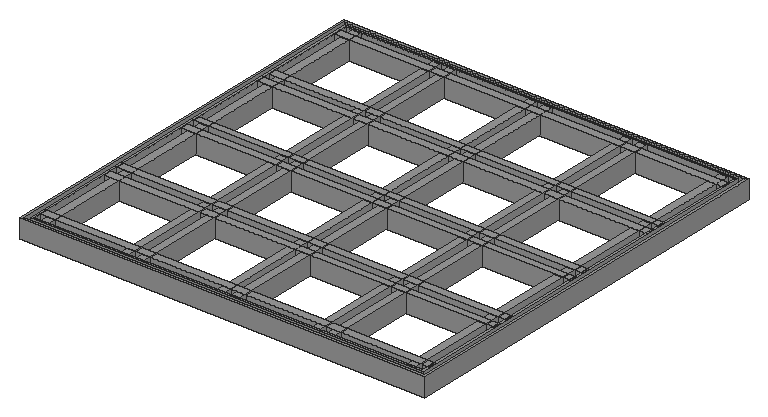
Revit family "CLD-WFD-004_RFA", category Modelos genéricos, Revit 2022
Family settings
  Puede alojar armadura = No
  Cota de conector redondo = Diámetro de uso
  Tipo de pieza = Normal
  Se basa en plano de trabajo = No
  Siempre vertical = Sí
  Corte con vacíos al cargar = No
  Mantener orientación de anotación = No
  Compartido = No
  Punto de cálculo de habitación = No
Parameters
  Elevación por defecto = 0.00"
Reference planes (in)
  plane 1 "Centro (Frontal/Posterior)": y = 0
  plane 2: z = 0
  plane 3 "Centro (Izquierda/Derecha)": x = 0
Forms (in)
  Extrusion 1, solid, not visible
    sketch origin (0, 0, 0) x (1, 0, 0) y (0, 1, 0)
      loop
        line (0, 2.25) -> (0, 0) -> (108, 0) -> (108, 2.25) -> (0, 2.25)
    from 0 to 8
  Extrusion 2, solid, not visible
    sketch origin (0, 0, 0) x (1, 0, 0) y (0, 1, 0)
      loop
        line (0, 2.25) -> (0, 0) -> (108, 0) -> (108, 2.25) -> (0, 2.25)
    from 0 to 8
  Extrusion 3, solid, not visible
    sketch origin (0, 8, 0) x (1, 0, 0) y (0, 1, 0)
      loop
        line (0, 2.25) -> (0, 0) -> (108, 0) -> (108, 2.25) -> (0, 2.25)
    from 0 to 8
  Extrusion 4, solid, not visible
    sketch origin (0, 16, 0) x (1, 0, 0) y (0, 1, 0)
      loop
        line (0, 2.25) -> (0, 0) -> (108, 0) -> (108, 2.25) -> (0, 2.25)
    from 0 to 8
  Extrusion 5, solid, not visible
    sketch origin (0, 24, 0) x (1, 0, 0) y (0, 1, 0)
      loop
        line (0, 2.25) -> (0, 0) -> (108, 0) -> (108, 2.25) -> (0, 2.25)
    from 0 to 8
  Extrusion 6, solid, not visible
    sketch origin (0, 32, 0) x (1, 0, 0) y (0, 1, 0)
      loop
        line (0, 2.25) -> (0, 0) -> (108, 0) -> (108, 2.25) -> (0, 2.25)
    from 0 to 8
  Extrusion 7, solid, not visible
    sketch origin (0, 40, 0) x (1, 0, 0) y (0, 1, 0)
      loop
        line (0, 2.25) -> (0, 0) -> (108, 0) -> (108, 2.25) -> (0, 2.25)
    from 0 to 8
  Extrusion 8, solid, not visible
    sketch origin (0, 48, 0) x (1, 0, 0) y (0, 1, 0)
      loop
        line (0, 2.25) -> (0, 0) -> (108, 0) -> (108, 2.25) -> (0, 2.25)
    from 0 to 8
  Extrusion 9, solid, not visible
    sketch origin (0, 56, 0) x (1, 0, 0) y (0, 1, 0)
      loop
        line (0, 2.25) -> (0, 0) -> (108, 0) -> (108, 2.25) -> (0, 2.25)
    from 0 to 8
  Extrusion 10, solid, not visible
    sketch origin (0, 64, 0) x (1, 0, 0) y (0, 1, 0)
      loop
        line (0, 2.25) -> (0, 0) -> (108, 0) -> (108, 2.25) -> (0, 2.25)
    from 0 to 8
  Extrusion 11, solid, not visible
    sketch origin (0, 72, 0) x (1, 0, 0) y (0, 1, 0)
      loop
        line (0, 2.25) -> (0, 0) -> (108, 0) -> (108, 2.25) -> (0, 2.25)
    from 0 to 8
  Extrusion 12, solid, not visible
    sketch origin (0, 80, 0) x (1, 0, 0) y (0, 1, 0)
      loop
        line (0, 2.25) -> (0, 0) -> (108, 0) -> (108, 2.25) -> (0, 2.25)
    from 0 to 8
  Extrusion 13, solid, not visible
    sketch origin (0, 88, 0) x (1, 0, 0) y (0, 1, 0)
      loop
        line (0, 2.25) -> (0, 0) -> (108, 0) -> (108, 2.25) -> (0, 2.25)
    from 0 to 8
  Extrusion 14, solid, not visible
    sketch origin (0, 96, 0) x (1, 0, 0) y (0, 1, 0)
      loop
        line (0, 2.25) -> (0, 0) -> (108, 0) -> (108, 2.25) -> (0, 2.25)
    from 0 to 8
  Extrusion 15, solid, not visible
    sketch origin (0, 104, 0) x (1, 0, 0) y (0, 1, 0)
      loop
        line (0, 2.25) -> (0, 0) -> (108, 0) -> (108, 2.25) -> (0, 2.25)
    from 0 to 8
  Extrusion 16, solid, not visible
    sketch origin (0, 112, 0) x (1, 0, 0) y (0, 1, 0)
      loop
        line (0, 2.25) -> (0, 0) -> (108, 0) -> (108, 2.25) -> (0, 2.25)
    from 0 to 8
  Extrusion 17, solid, not visible
    sketch origin (0, 120, 0) x (1, 0, 0) y (0, 1, 0)
      loop
        line (0, 2.25) -> (0, 0) -> (108, 0) -> (108, 2.25) -> (0, 2.25)
    from 0 to 8
  Extrusion 18, solid, not visible
    sketch origin (0, 128, 0) x (1, 0, 0) y (0, 1, 0)
      loop
        line (0, 2.25) -> (0, 0) -> (108, 0) -> (108, 2.25) -> (0, 2.25)
    from 0 to 8
  Extrusion 19, solid, not visible
    sketch origin (0, 136, 0) x (1, 0, 0) y (0, 1, 0)
      loop
        line (0, 2.25) -> (0, 0) -> (108, 0) -> (108, 2.25) -> (0, 2.25)
    from 0 to 8
  Extrusion 20, solid, not visible
    sketch origin (0, 144, 0) x (1, 0, 0) y (0, 1, 0)
      loop
        line (0, 2.25) -> (0, 0) -> (108, 0) -> (108, 2.25) -> (0, 2.25)
    from 0 to 8
  Extrusion 21, solid, not visible
    sketch origin (0, 152, 0) x (1, 0, 0) y (0, 1, 0)
      loop
        line (0, 2.25) -> (0, 0) -> (108, 0) -> (108, 2.25) -> (0, 2.25)
    from 0 to 8
  Extrusion 22, solid, not visible
    sketch origin (109, 0, 0) x (1, 0, 0) y (0, 1, 0)
      loop
        line (0, 2.25) -> (0, 0) -> (108, 0) -> (108, 2.25) -> (0, 2.25)
    from 0 to 8
  Extrusion 23, solid, not visible
    sketch origin (109, 8, 0) x (1, 0, 0) y (0, 1, 0)
      loop
        line (0, 2.25) -> (0, 0) -> (108, 0) -> (108, 2.25) -> (0, 2.25)
    from 0 to 8
  Extrusion 24, solid, not visible
    sketch origin (109, 16, 0) x (1, 0, 0) y (0, 1, 0)
      loop
        line (0, 2.25) -> (0, 0) -> (108, 0) -> (108, 2.25) -> (0, 2.25)
    from 0 to 8
  Extrusion 25, solid, not visible
    sketch origin (109, 24, 0) x (1, 0, 0) y (0, 1, 0)
      loop
        line (0, 2.25) -> (0, 0) -> (108, 0) -> (108, 2.25) -> (0, 2.25)
    from 0 to 8
  Extrusion 26, solid, not visible
    sketch origin (109, 32, 0) x (1, 0, 0) y (0, 1, 0)
      loop
        line (0, 2.25) -> (0, 0) -> (108, 0) -> (108, 2.25) -> (0, 2.25)
    from 0 to 8
  Extrusion 27, solid, not visible
    sketch origin (109, 40, 0) x (1, 0, 0) y (0, 1, 0)
      loop
        line (0, 2.25) -> (0, 0) -> (108, 0) -> (108, 2.25) -> (0, 2.25)
    from 0 to 8
  Extrusion 28, solid, not visible
    sketch origin (109, 48, 0) x (1, 0, 0) y (0, 1, 0)
      loop
        line (0, 2.25) -> (0, 0) -> (108, 0) -> (108, 2.25) -> (0, 2.25)
    from 0 to 8
  Extrusion 29, solid, not visible
    sketch origin (109, 56, 0) x (1, 0, 0) y (0, 1, 0)
      loop
        line (0, 2.25) -> (0, 0) -> (108, 0) -> (108, 2.25) -> (0, 2.25)
    from 0 to 8
  Extrusion 30, solid, not visible
    sketch origin (109, 64, 0) x (1, 0, 0) y (0, 1, 0)
      loop
        line (0, 2.25) -> (0, 0) -> (108, 0) -> (108, 2.25) -> (0, 2.25)
    from 0 to 8
  Extrusion 31, solid, not visible
    sketch origin (109, 72, 0) x (1, 0, 0) y (0, 1, 0)
      loop
        line (0, 2.25) -> (0, 0) -> (108, 0) -> (108, 2.25) -> (0, 2.25)
    from 0 to 8
  Extrusion 32, solid, not visible
    sketch origin (109, 80, 0) x (1, 0, 0) y (0, 1, 0)
      loop
        line (0, 2.25) -> (0, 0) -> (108, 0) -> (108, 2.25) -> (0, 2.25)
    from 0 to 8
  Extrusion 33, solid, not visible
    sketch origin (109, 88, 0) x (1, 0, 0) y (0, 1, 0)
      loop
        line (0, 2.25) -> (0, 0) -> (108, 0) -> (108, 2.25) -> (0, 2.25)
    from 0 to 8
  Extrusion 34, solid, not visible
    sketch origin (109, 96, 0) x (1, 0, 0) y (0, 1, 0)
      loop
        line (0, 2.25) -> (0, 0) -> (108, 0) -> (108, 2.25) -> (0, 2.25)
    from 0 to 8
  Extrusion 35, solid, not visible
    sketch origin (109, 104, 0) x (1, 0, 0) y (0, 1, 0)
      loop
        line (0, 2.25) -> (0, 0) -> (108, 0) -> (108, 2.25) -> (0, 2.25)
    from 0 to 8
  Extrusion 36, solid, not visible
    sketch origin (109, 112, 0) x (1, 0, 0) y (0, 1, 0)
      loop
        line (0, 2.25) -> (0, 0) -> (108, 0) -> (108, 2.25) -> (0, 2.25)
    from 0 to 8
  Extrusion 37, solid, not visible
    sketch origin (109, 120, 0) x (1, 0, 0) y (0, 1, 0)
      loop
        line (0, 2.25) -> (0, 0) -> (108, 0) -> (108, 2.25) -> (0, 2.25)
    from 0 to 8
  Extrusion 38, solid, not visible
    sketch origin (109, 128, 0) x (1, 0, 0) y (0, 1, 0)
      loop
        line (0, 2.25) -> (0, 0) -> (108, 0) -> (108, 2.25) -> (0, 2.25)
    from 0 to 8
  Extrusion 39, solid, not visible
    sketch origin (109, 136, 0) x (1, 0, 0) y (0, 1, 0)
      loop
        line (0, 2.25) -> (0, 0) -> (108, 0) -> (108, 2.25) -> (0, 2.25)
    from 0 to 8
  Extrusion 40, solid, not visible
    sketch origin (109, 144, 0) x (1, 0, 0) y (0, 1, 0)
      loop
        line (0, 2.25) -> (0, 0) -> (108, 0) -> (108, 2.25) -> (0, 2.25)
    from 0 to 8
  Extrusion 41, solid, not visible
    sketch origin (109, 152, 0) x (1, 0, 0) y (0, 1, 0)
      loop
        line (0, 2.25) -> (0, 0) -> (108, 0) -> (108, 2.25) -> (0, 2.25)
    from 0 to 8
  Extrusion 42, solid, not visible
    sketch origin (-108, 0, 0) x (1, 0, 0) y (0, 1, 0)
      loop
        line (0, 2.25) -> (0, 0) -> (108, 0) -> (108, 2.25) -> (0, 2.25)
    from 0 to 8
  Extrusion 43, solid, not visible
    sketch origin (-108, 8, 0) x (1, 0, 0) y (0, 1, 0)
      loop
        line (0, 2.25) -> (0, 0) -> (108, 0) -> (108, 2.25) -> (0, 2.25)
    from 0 to 8
  Extrusion 44, solid, not visible
    sketch origin (-108, 16, 0) x (1, 0, 0) y (0, 1, 0)
      loop
        line (0, 2.25) -> (0, 0) -> (108, 0) -> (108, 2.25) -> (0, 2.25)
    from 0 to 8
  Extrusion 45, solid, not visible
    sketch origin (-108, 24, 0) x (1, 0, 0) y (0, 1, 0)
      loop
        line (0, 2.25) -> (0, 0) -> (108, 0) -> (108, 2.25) -> (0, 2.25)
    from 0 to 8
  Extrusion 46, solid, not visible
    sketch origin (-108, 32, 0) x (1, 0, 0) y (0, 1, 0)
      loop
        line (0, 2.25) -> (0, 0) -> (108, 0) -> (108, 2.25) -> (0, 2.25)
    from 0 to 8
  Extrusion 47, solid, not visible
    sketch origin (-108, 40, 0) x (1, 0, 0) y (0, 1, 0)
      loop
        line (0, 2.25) -> (0, 0) -> (108, 0) -> (108, 2.25) -> (0, 2.25)
    from 0 to 8
  Extrusion 48, solid, not visible
    sketch origin (1, 0, 0) x (1, 0, 0) y (0, 1, 0)
      loop
        line (0, 2.25) -> (0, 0) -> (108, 0) -> (108, 2.25) -> (0, 2.25)
    from 0 to 8
  Extrusion 49, solid, not visible
    sketch origin (1, 8, 0) x (1, 0, 0) y (0, 1, 0)
      loop
        line (0, 2.25) -> (0, 0) -> (108, 0) -> (108, 2.25) -> (0, 2.25)
    from 0 to 8
  Extrusion 50, solid, not visible
    sketch origin (1, 16, 0) x (1, 0, 0) y (0, 1, 0)
      loop
        line (0, 2.25) -> (0, 0) -> (108, 0) -> (108, 2.25) -> (0, 2.25)
    from 0 to 8
  Extrusion 51, solid, not visible
    sketch origin (1, 24, 0) x (1, 0, 0) y (0, 1, 0)
      loop
        line (0, 2.25) -> (0, 0) -> (108, 0) -> (108, 2.25) -> (0, 2.25)
    from 0 to 8
  Extrusion 52, solid, not visible
    sketch origin (1, 32, 0) x (1, 0, 0) y (0, 1, 0)
      loop
        line (0, 2.25) -> (0, 0) -> (108, 0) -> (108, 2.25) -> (0, 2.25)
    from 0 to 8
  Extrusion 53, solid, not visible
    sketch origin (1, 40, 0) x (1, 0, 0) y (0, 1, 0)
      loop
        line (0, 2.25) -> (0, 0) -> (108, 0) -> (108, 2.25) -> (0, 2.25)
    from 0 to 8
  Extrusion 54, solid, not visible
    sketch origin (-108, 48, 0) x (1, 0, 0) y (0, 1, 0)
      loop
        line (0, 2.25) -> (0, 0) -> (108, 0) -> (108, 2.25) -> (0, 2.25)
    from 0 to 8
  Extrusion 55, solid, not visible
    sketch origin (-108, 56, 0) x (1, 0, 0) y (0, 1, 0)
      loop
        line (0, 2.25) -> (0, 0) -> (108, 0) -> (108, 2.25) -> (0, 2.25)
    from 0 to 8
  Extrusion 56, solid, not visible
    sketch origin (-108, 64, 0) x (1, 0, 0) y (0, 1, 0)
      loop
        line (0, 2.25) -> (0, 0) -> (108, 0) -> (108, 2.25) -> (0, 2.25)
    from 0 to 8
  Extrusion 57, solid, not visible
    sketch origin (-108, 72, 0) x (1, 0, 0) y (0, 1, 0)
      loop
        line (0, 2.25) -> (0, 0) -> (108, 0) -> (108, 2.25) -> (0, 2.25)
    from 0 to 8
  Extrusion 58, solid, not visible
    sketch origin (-108, 80, 0) x (1, 0, 0) y (0, 1, 0)
      loop
        line (0, 2.25) -> (0, 0) -> (108, 0) -> (108, 2.25) -> (0, 2.25)
    from 0 to 8
  Extrusion 59, solid, not visible
    sketch origin (1, 48, 0) x (1, 0, 0) y (0, 1, 0)
      loop
        line (0, 2.25) -> (0, 0) -> (108, 0) -> (108, 2.25) -> (0, 2.25)
    from 0 to 8
  Extrusion 60, solid, not visible
    sketch origin (1, 56, 0) x (1, 0, 0) y (0, 1, 0)
      loop
        line (0, 2.25) -> (0, 0) -> (108, 0) -> (108, 2.25) -> (0, 2.25)
    from 0 to 8
  Extrusion 61, solid, not visible
    sketch origin (1, 64, 0) x (1, 0, 0) y (0, 1, 0)
      loop
        line (0, 2.25) -> (0, 0) -> (108, 0) -> (108, 2.25) -> (0, 2.25)
    from 0 to 8
  Extrusion 62, solid, not visible
    sketch origin (1, 72, 0) x (1, 0, 0) y (0, 1, 0)
      loop
        line (0, 2.25) -> (0, 0) -> (108, 0) -> (108, 2.25) -> (0, 2.25)
    from 0 to 8
  Extrusion 63, solid, not visible
    sketch origin (1, 80, 0) x (1, 0, 0) y (0, 1, 0)
      loop
        line (0, 2.25) -> (0, 0) -> (108, 0) -> (108, 2.25) -> (0, 2.25)
    from 0 to 8
  Extrusion 64, solid, not visible
    sketch origin (-108, 88, 0) x (1, 0, 0) y (0, 1, 0)
      loop
        line (0, 2.25) -> (0, 0) -> (108, 0) -> (108, 2.25) -> (0, 2.25)
    from 0 to 8
  Extrusion 65, solid, not visible
    sketch origin (-108, 96, 0) x (1, 0, 0) y (0, 1, 0)
      loop
        line (0, 2.25) -> (0, 0) -> (108, 0) -> (108, 2.25) -> (0, 2.25)
    from 0 to 8
  Extrusion 66, solid, not visible
    sketch origin (-108, 104, 0) x (1, 0, 0) y (0, 1, 0)
      loop
        line (0, 2.25) -> (0, 0) -> (108, 0) -> (108, 2.25) -> (0, 2.25)
    from 0 to 8
  Extrusion 67, solid, not visible
    sketch origin (-108, 112, 0) x (1, 0, 0) y (0, 1, 0)
      loop
        line (0, 2.25) -> (0, 0) -> (108, 0) -> (108, 2.25) -> (0, 2.25)
    from 0 to 8
  Extrusion 68, solid, not visible
    sketch origin (-108, 120, 0) x (1, 0, 0) y (0, 1, 0)
      loop
        line (0, 2.25) -> (0, 0) -> (108, 0) -> (108, 2.25) -> (0, 2.25)
    from 0 to 8
  Extrusion 69, solid, not visible
    sketch origin (1, 88, 0) x (1, 0, 0) y (0, 1, 0)
      loop
        line (0, 2.25) -> (0, 0) -> (108, 0) -> (108, 2.25) -> (0, 2.25)
    from 0 to 8
  Extrusion 70, solid, not visible
    sketch origin (1, 96, 0) x (1, 0, 0) y (0, 1, 0)
      loop
        line (0, 2.25) -> (0, 0) -> (108, 0) -> (108, 2.25) -> (0, 2.25)
    from 0 to 8
  Extrusion 71, solid, not visible
    sketch origin (1, 104, 0) x (1, 0, 0) y (0, 1, 0)
      loop
        line (0, 2.25) -> (0, 0) -> (108, 0) -> (108, 2.25) -> (0, 2.25)
    from 0 to 8
  Extrusion 72, solid, not visible
    sketch origin (1, 112, 0) x (1, 0, 0) y (0, 1, 0)
      loop
        line (0, 2.25) -> (0, 0) -> (108, 0) -> (108, 2.25) -> (0, 2.25)
    from 0 to 8
  Extrusion 73, solid, not visible
    sketch origin (1, 120, 0) x (1, 0, 0) y (0, 1, 0)
      loop
        line (0, 2.25) -> (0, 0) -> (108, 0) -> (108, 2.25) -> (0, 2.25)
    from 0 to 8
  Extrusion 74, solid, not visible
    sketch origin (-108, 128, 0) x (1, 0, 0) y (0, 1, 0)
      loop
        line (0, 2.25) -> (0, 0) -> (108, 0) -> (108, 2.25) -> (0, 2.25)
    from 0 to 8
  Extrusion 75, solid, not visible
    sketch origin (-108, 136, 0) x (1, 0, 0) y (0, 1, 0)
      loop
        line (0, 2.25) -> (0, 0) -> (108, 0) -> (108, 2.25) -> (0, 2.25)
    from 0 to 8
  Extrusion 76, solid, not visible
    sketch origin (-108, 144, 0) x (1, 0, 0) y (0, 1, 0)
      loop
        line (0, 2.25) -> (0, 0) -> (108, 0) -> (108, 2.25) -> (0, 2.25)
    from 0 to 8
  Extrusion 77, solid, not visible
    sketch origin (-108, 152, 0) x (1, 0, 0) y (0, 1, 0)
      loop
        line (0, 2.25) -> (0, 0) -> (108, 0) -> (108, 2.25) -> (0, 2.25)
    from 0 to 8
  Extrusion 78, solid, not visible
    sketch origin (-108, 160, 0) x (1, 0, 0) y (0, 1, 0)
      loop
        line (0, 2.25) -> (0, 0) -> (108, 0) -> (108, 2.25) -> (0, 2.25)
    from 0 to 8
  Extrusion 79, solid, not visible
    sketch origin (1, 128, 0) x (1, 0, 0) y (0, 1, 0)
      loop
        line (0, 2.25) -> (0, 0) -> (108, 0) -> (108, 2.25) -> (0, 2.25)
    from 0 to 8
  Extrusion 80, solid, not visible
    sketch origin (1, 136, 0) x (1, 0, 0) y (0, 1, 0)
      loop
        line (0, 2.25) -> (0, 0) -> (108, 0) -> (108, 2.25) -> (0, 2.25)
    from 0 to 8
  Extrusion 81, solid, not visible
    sketch origin (1, 144, 0) x (1, 0, 0) y (0, 1, 0)
      loop
        line (0, 2.25) -> (0, 0) -> (108, 0) -> (108, 2.25) -> (0, 2.25)
    from 0 to 8
  Extrusion 82, solid, not visible
    sketch origin (1, 152, 0) x (1, 0, 0) y (0, 1, 0)
      loop
        line (0, 2.25) -> (0, 0) -> (108, 0) -> (108, 2.25) -> (0, 2.25)
    from 0 to 8
  Extrusion 83, solid, not visible
    sketch origin (1, 160, 0) x (1, 0, 0) y (0, 1, 0)
      loop
        line (0, 2.25) -> (0, 0) -> (108, 0) -> (108, 2.25) -> (0, 2.25)
    from 0 to 8
  Extrusion 84, solid, not visible
    sketch origin (0, 0, 0) x (1, 0, 0) y (0, 1, 0)
      loop
        line (0, 3) -> (0, 0) -> (108, 0) -> (108, 3) -> (0, 3)
    from 0 to 8
  Extrusion 85, void, not visible
    sketch origin (0, 0, 0) x (1, 0, 0) y (0, 1, 0)
      loop
        line (6, 2) -> (6, 1) -> (66, 1) -> (66, 2) -> (6, 2)
    from 0 to 1.03
  Extrusion 86, solid, not visible
    sketch origin (0, 0, 0) x (1, 0, 0) y (0, 1, 0)
      loop
        line (0, 3) -> (0, 0) -> (108, 0) -> (108, 3) -> (0, 3)
    from 0 to 8
  Extrusion 87, void, not visible
    sketch origin (0, 0, 0) x (1, 0, 0) y (0, 1, 0)
      loop
        line (6, 2) -> (6, 1) -> (66, 1) -> (66, 2) -> (6, 2)
    from 0 to 1.03
  Extrusion 88, solid, not visible
    sketch origin (0, 0, 0) x (1, 0, 0) y (0, 1, 0)
      loop
        line (6, 2) -> (6, 1) -> (66, 1) -> (66, 2) -> (6, 2)
    from 0 to 1.03
  Extrusion 89, solid, not visible
    sketch origin (0, 32, 0) x (1, 0, 0) y (0, 1, 0)
      loop
        line (0, 3) -> (0, 0) -> (108, 0) -> (108, 3) -> (0, 3)
    from 0 to 8
  Extrusion 90, void, not visible
    sketch origin (0, 32, 0) x (1, 0, 0) y (0, 1, 0)
      loop
        line (6, 2) -> (6, 1) -> (102, 1) -> (102, 2) -> (6, 2)
    from 0 to 1.03
  Extrusion 91, solid, not visible
    sketch origin (8.95842, -18.67436, 0) x (1, 0, 0) y (0, 1, 0)
      loop
        line (-8.48642, 97.64679) -> (-8.48642, 97.17436) -> (98.56914, 97.17436) -> (98.56914, 97.64679) -> (-8.48642, 97.64679)
    from 0.59055 to 8
  Extrusion 92, solid, not visible
    sketch origin (8.95842, -16.6468, 0) x (1, 0, 0) y (0, 1, 0)
      loop
        line (-8.48642, 97.64679) -> (-8.48642, 97.17436) -> (98.56914, 97.17436) -> (98.56914, 97.64679) -> (-8.48642, 97.64679)
    from 0.59055 to 8
  Extrusion 93, solid, not visible
    sketch origin (60.46912, 110.28574, 0) x (1, 0, 0) y (0, 1, 0)
      loop
        line (45.03088, -29.28574) -> (-57.96911, -29.28574) -> (-57.96911, -31.78574) -> (45.03088, -31.78574) -> (45.03088, -29.28574)
      loop
        line (23.78088, -31.03574) -> (41.78088, -31.03574) -> (41.78088, -30.03574) -> (23.78088, -30.03574) -> (23.78088, -31.03574)
      loop
        line (-54.71912, -31.03574) -> (-36.71912, -31.03574) -> (-36.71912, -30.03574) -> (-54.71912, -30.03574) -> (-54.71912, -31.03574)
    from 0 to 0.59055
  Extrusion 94, solid, not visible
    sketch origin (108, 51.5, 0) x (0, 1, 0) y (-1, 0, 0)
      loop
        line (27.75, 102.25) -> (27.75, 84.25) -> (28.75, 84.25) -> (28.75, 102.25) -> (27.75, 102.25)
    from 0 to 1
  Extrusion 95, solid, not visible
    sketch origin (186.5, 51.5, 0) x (0, 1, 0) y (-1, 0, 0)
      loop
        line (27.75, 102.25) -> (27.75, 84.25) -> (28.75, 84.25) -> (28.75, 102.25) -> (27.75, 102.25)
    from 0 to 1
  Extrusion 96, solid, not visible
    sketch origin (8.95842, -44.42438, 0) x (1, 0, 0) y (0, 1, 0)
      loop
        line (-8.48642, 97.64679) -> (-8.48642, 97.17436) -> (98.56914, 97.17436) -> (98.56914, 97.64679) -> (-8.48642, 97.64679)
    from 0.59055 to 8
  Extrusion 97, solid, not visible
    sketch origin (8.95842, -42.39682, 0) x (1, 0, 0) y (0, 1, 0)
      loop
        line (-8.48642, 97.64679) -> (-8.48642, 97.17436) -> (98.56914, 97.17436) -> (98.56914, 97.64679) -> (-8.48642, 97.64679)
    from 0.59055 to 8
  Extrusion 98, solid, not visible
    sketch origin (60.46912, 84.53571, 0) x (1, 0, 0) y (0, 1, 0)
      loop
        line (45.03088, -29.28574) -> (-57.96911, -29.28574) -> (-57.96911, -31.78574) -> (45.03088, -31.78574) -> (45.03088, -29.28574)
      loop
        line (-28.96912, -31.03574) -> (-10.96912, -31.03574) -> (-10.96912, -30.03574) -> (-28.96912, -30.03574) -> (-28.96912, -31.03574)
      loop
        line (-3.21912, -31.03571) -> (14.78088, -31.03571) -> (14.78088, -30.03571) -> (-3.21912, -30.03571) -> (-3.21912, -31.03571)
    from 0 to 0.59055
  Extrusion 99, solid, not visible
    sketch origin (133.74998, 25.74998, 0) x (0, 1, 0) y (-1, 0, 0)
      loop
        line (27.75, 102.25) -> (27.75, 84.25) -> (28.75, 84.25) -> (28.75, 102.25) -> (27.75, 102.25)
    from 0 to 1
  Extrusion 100, solid, not visible
    sketch origin (159.49998, 25.74998, 0) x (0, 1, 0) y (-1, 0, 0)
      loop
        line (27.75, 102.25) -> (27.75, 84.25) -> (28.75, 84.25) -> (28.75, 102.25) -> (27.75, 102.25)
    from 0 to 1
  Extrusion 101, solid, not visible
    sketch origin (8.95842, -70.17436, 0) x (1, 0, 0) y (0, 1, 0)
      loop
        line (-8.48642, 97.64679) -> (-8.48642, 97.17436) -> (98.56914, 97.17436) -> (98.56914, 97.64679) -> (-8.48642, 97.64679)
    from 0.59055 to 8
  Extrusion 102, solid, not visible
    sketch origin (8.95842, -68.1468, 0) x (1, 0, 0) y (0, 1, 0)
      loop
        line (-8.48642, 97.64679) -> (-8.48642, 97.17436) -> (98.56914, 97.17436) -> (98.56914, 97.64679) -> (-8.48642, 97.64679)
    from 0.59055 to 8
  Extrusion 103, solid, not visible
    sketch origin (60.46912, 58.78574, 0) x (1, 0, 0) y (0, 1, 0)
      loop
        line (45.03088, -29.28574) -> (-57.96911, -29.28574) -> (-57.96911, -31.78574) -> (45.03088, -31.78574) -> (45.03088, -29.28574)
      loop
        line (23.78088, -31.03574) -> (41.78088, -31.03574) -> (41.78088, -30.03574) -> (23.78088, -30.03574) -> (23.78088, -31.03574)
      loop
        line (-54.71912, -31.03574) -> (-36.71912, -31.03574) -> (-36.71912, -30.03574) -> (-54.71912, -30.03574) -> (-54.71912, -31.03574)
    from 0 to 0.59055
  Extrusion 104, solid, not visible
    sketch origin (108, 0, 0) x (0, 1, 0) y (-1, 0, 0)
      loop
        line (27.75, 102.25) -> (27.75, 84.25) -> (28.75, 84.25) -> (28.75, 102.25) -> (27.75, 102.25)
    from 0 to 1
  Extrusion 105, solid, not visible
    sketch origin (186.5, 0, 0) x (0, 1, 0) y (-1, 0, 0)
      loop
        line (27.75, 102.25) -> (27.75, 84.25) -> (28.75, 84.25) -> (28.75, 102.25) -> (27.75, 102.25)
    from 0 to 1
  Extrusion 106, solid, not visible
    sketch origin (-70.17436, 99.04114, 0) x (0, -1, 0) y (1, 0, 0)
      loop
        line (-8.48642, 97.64679) -> (-8.48642, 97.17436) -> (98.56914, 97.17436) -> (98.56914, 97.64679) -> (-8.48642, 97.64679)
    from 0.59055 to 8
  Extrusion 107, solid, not visible
    sketch origin (-68.1468, 99.04114, 0) x (0, -1, 0) y (1, 0, 0)
      loop
        line (-8.48642, 97.64679) -> (-8.48642, 97.17436) -> (98.56914, 97.17436) -> (98.56914, 97.64679) -> (-8.48642, 97.64679)
    from 0.59055 to 8
  Extrusion 108, solid, not visible
    sketch origin (-2.28571, 86.21912, 0) x (0, 1, 0) y (-1, 0, 0)
      loop
        line (19.28088, -29.28574) -> (-83.71912, -29.28574) -> (-83.71912, -31.78574) -> (19.28088, -31.78574) -> (19.28088, -29.28574)
      loop
        line (16.03088, -31.03571) -> (16.03088, -30.03571) -> (-1.96912, -30.03571) -> (-1.96912, -31.03571) -> (16.03088, -31.03571)
      loop
        line (-62.46912, -31.03571) -> (-62.46912, -30.03571) -> (-80.46912, -30.03571) -> (-80.46912, -31.03571) -> (-62.46912, -31.03571)
    from 0 to 0.59055
  Extrusion 109, solid, not visible
    sketch origin (0, 0, 0) x (1, 0, 0) y (0, 1, 0)
      loop
        line (27.75, 102.25) -> (27.75, 84.25) -> (28.75, 84.25) -> (28.75, 102.25) -> (27.75, 102.25)
    from 0 to 1
  Extrusion 110, solid, not visible
    sketch origin (0, -78.5, 0) x (1, 0, 0) y (0, 1, 0)
      loop
        line (27.75, 102.25) -> (27.75, 84.25) -> (28.75, 84.25) -> (28.75, 102.25) -> (27.75, 102.25)
    from 0 to 1
  Extrusion 111, solid, not visible
    sketch origin (-44.89438, 99.04114, 0) x (0, -1, 0) y (1, 0, 0)
      loop
        line (-8.48642, 97.64679) -> (-8.48642, 97.17436) -> (98.56914, 97.17436) -> (98.56914, 97.64679) -> (-8.48642, 97.64679)
    from 0.59055 to 8
  Extrusion 112, solid, not visible
    sketch origin (-42.39682, 99.04114, 0) x (0, -1, 0) y (1, 0, 0)
      loop
        line (-8.48642, 97.64679) -> (-8.48642, 97.17436) -> (98.56914, 97.17436) -> (98.56914, 97.64679) -> (-8.48642, 97.64679)
    from 0.59055 to 8
  Extrusion 113, solid, not visible
    sketch origin (23.46427, 86.21912, 0) x (0, 1, 0) y (-1, 0, 0)
      loop
        line (19.28088, -28.81571) -> (-83.71912, -28.81571) -> (-83.71912, -31.78574) -> (19.28088, -31.78574) -> (19.28088, -28.81571)
      loop
        line (-28.96912, -29.78573) -> (-28.96912, -30.78571) -> (-10.96912, -30.78571) -> (-10.96912, -29.78573) -> (-28.96912, -29.78573)
      loop
        line (-54.71914, -29.78573) -> (-54.71914, -30.78573) -> (-36.71914, -30.78573) -> (-36.71914, -29.78573) -> (-54.71914, -29.78573)
    from 0 to 0.59055
  Extrusion 114, solid, not visible
    sketch origin (25.74998, -27, 0) x (1, 0, 0) y (0, 1, 0)
      loop
        line (27.50002, 102.25) -> (27.50002, 84.25) -> (28.5, 84.25) -> (28.5, 102.25) -> (27.50002, 102.25)
    from 0 to 1
  Extrusion 115, solid, not visible
    sketch origin (25.74998, -52.75002, 0) x (1, 0, 0) y (0, 1, 0)
      loop
        line (27.50002, 102.25) -> (27.50002, 84.25) -> (28.50002, 84.25) -> (28.50002, 102.25) -> (27.50002, 102.25)
    from 0 to 1
  Extrusion 116, solid, not visible
    sketch origin (-18.67436, 99.04114, 0) x (0, -1, 0) y (1, 0, 0)
      loop
        line (-8.48642, 97.64679) -> (-8.48642, 97.17436) -> (98.56914, 97.17436) -> (98.56914, 97.64679) -> (-8.48642, 97.64679)
    from 0.59055 to 8
  Extrusion 117, solid, not visible
    sketch origin (-16.6468, 99.04114, 0) x (0, -1, 0) y (1, 0, 0)
      loop
        line (-8.48642, 97.64679) -> (-8.48642, 97.17436) -> (98.56914, 97.17436) -> (98.56914, 97.64679) -> (-8.48642, 97.64679)
    from 0.59055 to 8
  Extrusion 118, solid, not visible
    sketch origin (49.21426, 86.21912, 0) x (0, 1, 0) y (-1, 0, 0)
      loop
        line (19.28088, -29.28574) -> (-83.71912, -29.28574) -> (-83.71912, -31.78574) -> (19.28088, -31.78574) -> (19.28088, -29.28574)
      loop
        line (16.03088, -31.03571) -> (16.03088, -30.03571) -> (-1.96912, -30.03571) -> (-1.96912, -31.03571) -> (16.03088, -31.03571)
      loop
        line (-62.46912, -31.03571) -> (-62.46912, -30.03571) -> (-80.46912, -30.03571) -> (-80.46912, -31.03571) -> (-62.46912, -31.03571)
    from 0 to 0.59055
  Extrusion 119, solid, not visible
    sketch origin (51.49997, 0, 0) x (1, 0, 0) y (0, 1, 0)
      loop
        line (27.75, 102.25) -> (27.75, 84.25) -> (28.75, 84.25) -> (28.75, 102.25) -> (27.75, 102.25)
    from 0 to 1
  Extrusion 120, solid, not visible
    sketch origin (51.49997, -78.5, 0) x (1, 0, 0) y (0, 1, 0)
      loop
        line (27.75, 102.25) -> (27.75, 84.25) -> (28.75, 84.25) -> (28.75, 102.25) -> (27.75, 102.25)
    from 0 to 1
  Extrusion 121, solid, not visible
    sketch origin (10.23509, 91.82771, 0) x (0, -1, 0) y (1, 0, 0)
      loop
        line (-16.17229, 97.76491) -> (-15.69986, 97.29248) -> (91.35527, 97.29248) -> (91.82771, 97.76491) -> (-16.17229, 97.76491)
    from 0.59055 to 8
  Extrusion 122, solid, not visible
    sketch origin (137.28574, 61.88413, 0) x (0, 1, 0) y (-1, 0, 0)
      loop
        line (46.11587, 29.28574) -> (43.61587, 31.78574) -> (-59.38412, 31.78574) -> (-61.88412, 29.28574) -> (46.11587, 29.28574)
    from 0 to 0.59055
  Extrusion 123, solid, not visible
    sketch origin (8.20754, 91.82771, 0) x (0, -1, 0) y (1, 0, 0)
      loop
        line (-14.14474, 97.76491) -> (-13.67231, 97.29248) -> (89.32772, 97.29248) -> (89.80016, 97.76491) -> (-14.14474, 97.76491)
    from 0.59055 to 8.22418
  Extrusion 124, solid, not visible
    sketch origin (18.95842, 10.23509, 0) x (1, 0, 0) y (0, 1, 0)
      loop
        line (-18.95842, 97.76491) -> (-18.48598, 97.29247) -> (88.56914, 97.29247) -> (89.04158, 97.76491) -> (-18.95842, 97.76491)
    from 0.59055 to 8
  Extrusion 125, solid, not visible
    sketch origin (61.88413, 137.28574, 0) x (1, 0, 0) y (0, 1, 0)
      loop
        line (46.11587, -29.28574) -> (-61.88412, -29.28574) -> (-59.38412, -31.78574) -> (43.61587, -31.78574) -> (46.11587, -29.28574)
    from 0 to 0.59055
  Extrusion 126, solid, not visible
    sketch origin (18.95842, 8.20753, 0) x (1, 0, 0) y (0, 1, 0)
      loop
        line (-16.93086, 97.76491) -> (-16.45842, 97.29247) -> (86.54158, 97.29247) -> (87.01402, 97.76491) -> (-16.93086, 97.76491)
    from 0.59055 to 8
  Extrusion 127, solid, not visible
    sketch origin (-101.24865, 87.31603, 0) x (0, -1, 0) y (1, 0, 0)
      loop
        line (-20.21152, 101.72109) -> (-20.68397, 101.24865) -> (87.31604, 101.24865) -> (86.84359, 101.72109) -> (-20.21152, 101.72109)
    from 0.47244 to 8
  Extrusion 128, solid, not visible
    sketch origin (-29.28573, 61.88413, 0) x (0, 1, 0) y (-1, 0, 0)
      loop
        line (46.11587, -29.28574) -> (-61.88412, -29.28574) -> (-59.38412, -31.78574) -> (43.61587, -31.78574) -> (46.11587, -29.28574)
    from 0 to 0.59055
  Extrusion 129, solid, not visible
    sketch origin (-99.22109, 87.31603, 0) x (0, -1, 0) y (1, 0, 0)
      loop
        line (-18.18396, 101.72109) -> (-18.65641, 101.24865) -> (85.28848, 101.24865) -> (84.81603, 101.72109) -> (-18.18396, 101.72109)
    from 0.47244 to 8
  Extrusion 130, solid, not visible
    sketch origin (61.88413, -29.28574, 0) x (1, 0, 0) y (0, 1, 0)
      loop
        line (46.11587, 29.28574) -> (43.61587, 31.78574) -> (-59.38412, 31.78574) -> (-61.88412, 29.28574) -> (46.11587, 29.28574)
    from 0 to 0.47244
  Extrusion 131, solid, not visible
    sketch origin (8.95842, -97.17435, 0) x (1, 0, 0) y (0, 1, 0)
      loop
        line (-8.48598, 97.64679) -> (-8.95842, 97.17436) -> (99.04157, 97.17436) -> (98.56914, 97.64679) -> (-8.48598, 97.64679)
    from 0.59055 to 8
  Extrusion 132, solid, not visible
    sketch origin (8.95842, -95.14679, 0) x (1, 0, 0) y (0, 1, 0)
      loop
        line (-6.45842, 97.64679) -> (-6.93085, 97.17436) -> (97.01401, 97.17436) -> (96.54158, 97.64679) -> (-6.45842, 97.64679)
    from 0.59055 to 8
  Extrusion 133, solid, not visible
    sketch origin (61.88413, -29.28574, 0) x (1, 0, 0) y (0, 1, 0)
      loop
        line (46.11587, 29.28574) -> (43.61587, 31.78574) -> (-59.38412, 31.78574) -> (-61.88412, 29.28574) -> (46.11587, 29.28574)
    from 0 to 0.47244
  Extrusion 134, solid, not visible
    sketch origin (18.95842, 10.23509, 0) x (1, 0, 0) y (0, 1, 0)
      loop
        line (-18.95842, 97.76491) -> (-18.48598, 97.29247) -> (88.56914, 97.29247) -> (89.04158, 97.76491) -> (-18.95842, 97.76491)
    from 0.59055 to 8
  Extrusion 135, solid, not visible
    sketch origin (8.95842, -97.17435, 0) x (1, 0, 0) y (0, 1, 0)
      loop
        line (-8.48598, 97.64679) -> (-8.95842, 97.17436) -> (99.04157, 97.17436) -> (98.56914, 97.64679) -> (-8.48598, 97.64679)
    from 0.59055 to 8
  Extrusion 136, solid, not visible
    sketch origin (10.23509, 91.82771, 0) x (0, -1, 0) y (1, 0, 0)
      loop
        line (-16.17229, 97.76491) -> (-15.69986, 97.29248) -> (91.35527, 97.29248) -> (91.82771, 97.76491) -> (-16.17229, 97.76491)
    from 0.59055 to 8
  Extrusion 137, solid, not visible
    sketch origin (-101.24865, 87.31603, 0) x (0, -1, 0) y (1, 0, 0)
      loop
        line (-20.21152, 101.72109) -> (-20.68397, 101.24865) -> (87.31604, 101.24865) -> (86.84359, 101.72109) -> (-20.21152, 101.72109)
    from 0.47244 to 8
  Extrusion 138, solid, not visible
    sketch origin (61.88413, 137.28574, 0) x (1, 0, 0) y (0, 1, 0)
      loop
        line (46.11587, -29.28574) -> (-61.88412, -29.28574) -> (-59.38412, -31.78574) -> (43.61587, -31.78574) -> (46.11587, -29.28574)
    from 0 to 0.59055
  Extrusion 139, solid, not visible
    sketch origin (-29.28573, 61.88413, 0) x (0, 1, 0) y (-1, 0, 0)
      loop
        line (46.11587, -29.28574) -> (-61.88412, -29.28574) -> (-59.38412, -31.78574) -> (43.61587, -31.78574) -> (46.11587, -29.28574)
    from 0 to 0.59055
  Extrusion 140, solid, not visible
    sketch origin (137.28574, 61.88413, 0) x (0, 1, 0) y (-1, 0, 0)
      loop
        line (46.11587, 29.28574) -> (43.61587, 31.78574) -> (-59.38412, 31.78574) -> (-61.88412, 29.28574) -> (46.11587, 29.28574)
    from 0 to 0.59055
  Extrusion 141, solid, not visible
    sketch origin (8.95842, -95.14679, 0) x (1, 0, 0) y (0, 1, 0)
      loop
        line (-6.45842, 97.64679) -> (-6.93085, 97.17436) -> (97.01401, 97.17436) -> (96.54158, 97.64679) -> (-6.45842, 97.64679)
    from 0.59055 to 8
  Extrusion 142, solid, not visible
    sketch origin (-99.22109, 87.31603, 0) x (0, -1, 0) y (1, 0, 0)
      loop
        line (-18.18396, 101.72109) -> (-18.65641, 101.24865) -> (85.28848, 101.24865) -> (84.81603, 101.72109) -> (-18.18396, 101.72109)
    from 0.47244 to 8
  Extrusion 143, solid, not visible
    sketch origin (18.95842, 8.20753, 0) x (1, 0, 0) y (0, 1, 0)
      loop
        line (-16.93086, 97.76491) -> (-16.45842, 97.29247) -> (86.54158, 97.29247) -> (87.01402, 97.76491) -> (-16.93086, 97.76491)
    from 0.59055 to 8
  Extrusion 144, solid, not visible
    sketch origin (8.20754, 91.82771, 0) x (0, -1, 0) y (1, 0, 0)
      loop
        line (-14.14474, 97.76491) -> (-13.67231, 97.29248) -> (89.32772, 97.29248) -> (89.80016, 97.76491) -> (-14.14474, 97.76491)
    from 0.59055 to 8.22418
  Extrusion 145, solid, not visible
    sketch origin (8.95842, -70.17436, 0) x (1, 0, 0) y (0, 1, 0)
      loop
        line (-8.48642, 97.64679) -> (-8.48642, 97.17436) -> (98.56914, 97.17436) -> (98.56914, 97.64679) -> (-8.48642, 97.64679)
    from 0.59055 to 8
  Extrusion 146, solid, not visible
    sketch origin (8.95842, -68.1468, 0) x (1, 0, 0) y (0, 1, 0)
      loop
        line (-8.48642, 97.64679) -> (-8.48642, 97.17436) -> (98.56914, 97.17436) -> (98.56914, 97.64679) -> (-8.48642, 97.64679)
    from 0.59055 to 8
  Extrusion 147, solid, not visible
    sketch origin (8.95842, -44.42438, 0) x (1, 0, 0) y (0, 1, 0)
      loop
        line (-8.48642, 97.64679) -> (-8.48642, 97.17436) -> (98.56914, 97.17436) -> (98.56914, 97.64679) -> (-8.48642, 97.64679)
    from 0.59055 to 8
  Extrusion 148, solid, not visible
    sketch origin (8.95842, -42.39682, 0) x (1, 0, 0) y (0, 1, 0)
      loop
        line (-8.48642, 97.64679) -> (-8.48642, 97.17436) -> (98.56914, 97.17436) -> (98.56914, 97.64679) -> (-8.48642, 97.64679)
    from 0.59055 to 8
  Extrusion 149, solid, not visible
    sketch origin (8.95842, -18.67436, 0) x (1, 0, 0) y (0, 1, 0)
      loop
        line (-8.48642, 97.64679) -> (-8.48642, 97.17436) -> (98.56914, 97.17436) -> (98.56914, 97.64679) -> (-8.48642, 97.64679)
    from 0.59055 to 8
  Extrusion 150, solid, not visible
    sketch origin (8.95842, -16.6468, 0) x (1, 0, 0) y (0, 1, 0)
      loop
        line (-8.48642, 97.64679) -> (-8.48642, 97.17436) -> (98.56914, 97.17436) -> (98.56914, 97.64679) -> (-8.48642, 97.64679)
    from 0.59055 to 8
  Extrusion 151, solid, not visible
    sketch origin (-70.17436, 99.04114, 0) x (0, -1, 0) y (1, 0, 0)
      loop
        line (-8.48642, 97.64679) -> (-8.48642, 97.17436) -> (98.56914, 97.17436) -> (98.56914, 97.64679) -> (-8.48642, 97.64679)
    from 0.59055 to 8
  Extrusion 152, solid, not visible
    sketch origin (-68.1468, 99.04114, 0) x (0, -1, 0) y (1, 0, 0)
      loop
        line (-8.48642, 97.64679) -> (-8.48642, 97.17436) -> (98.56914, 97.17436) -> (98.56914, 97.64679) -> (-8.48642, 97.64679)
    from 0.59055 to 8
  Extrusion 153, solid, not visible
    sketch origin (-44.89438, 99.04114, 0) x (0, -1, 0) y (1, 0, 0)
      loop
        line (-8.48642, 97.64679) -> (-8.48642, 97.17436) -> (98.56914, 97.17436) -> (98.56914, 97.64679) -> (-8.48642, 97.64679)
    from 0.59055 to 8
  Extrusion 154, solid, not visible
    sketch origin (-42.39682, 99.04114, 0) x (0, -1, 0) y (1, 0, 0)
      loop
        line (-8.48642, 97.64679) -> (-8.48642, 97.17436) -> (98.56914, 97.17436) -> (98.56914, 97.64679) -> (-8.48642, 97.64679)
    from 0.59055 to 8
  Extrusion 155, solid, not visible
    sketch origin (-18.67436, 99.04114, 0) x (0, -1, 0) y (1, 0, 0)
      loop
        line (-8.48642, 97.64679) -> (-8.48642, 97.17436) -> (98.56914, 97.17436) -> (98.56914, 97.64679) -> (-8.48642, 97.64679)
    from 0.59055 to 8
  Extrusion 156, solid, not visible
    sketch origin (-16.6468, 99.04114, 0) x (0, -1, 0) y (1, 0, 0)
      loop
        line (-8.48642, 97.64679) -> (-8.48642, 97.17436) -> (98.56914, 97.17436) -> (98.56914, 97.64679) -> (-8.48642, 97.64679)
    from 0.59055 to 8
  Extrusion 157, solid, not visible
    sketch origin (60.46912, 110.28574, 0) x (1, 0, 0) y (0, 1, 0)
      loop
        line (45.03088, -29.28574) -> (-57.96911, -29.28574) -> (-57.96911, -31.78574) -> (45.03088, -31.78574) -> (45.03088, -29.28574)
      loop
        line (23.78088, -31.03574) -> (41.78088, -31.03574) -> (41.78088, -30.03574) -> (23.78088, -30.03574) -> (23.78088, -31.03574)
      loop
        line (-54.71912, -31.03574) -> (-36.71912, -31.03574) -> (-36.71912, -30.03574) -> (-54.71912, -30.03574) -> (-54.71912, -31.03574)
    from 0 to 0.59055
  Extrusion 158, solid, not visible
    sketch origin (60.46912, 84.53571, 0) x (1, 0, 0) y (0, 1, 0)
      loop
        line (45.03088, -29.28574) -> (-57.96911, -29.28574) -> (-57.96911, -31.78574) -> (45.03088, -31.78574) -> (45.03088, -29.28574)
      loop
        line (-28.96912, -31.03574) -> (-10.96912, -31.03574) -> (-10.96912, -30.03574) -> (-28.96912, -30.03574) -> (-28.96912, -31.03574)
      loop
        line (-3.21912, -31.03571) -> (14.78088, -31.03571) -> (14.78088, -30.03571) -> (-3.21912, -30.03571) -> (-3.21912, -31.03571)
    from 0 to 0.59055
  Extrusion 159, solid, not visible
    sketch origin (60.46912, 58.78574, 0) x (1, 0, 0) y (0, 1, 0)
      loop
        line (45.03088, -29.28574) -> (-57.96911, -29.28574) -> (-57.96911, -31.78574) -> (45.03088, -31.78574) -> (45.03088, -29.28574)
      loop
        line (23.78088, -31.03574) -> (41.78088, -31.03574) -> (41.78088, -30.03574) -> (23.78088, -30.03574) -> (23.78088, -31.03574)
      loop
        line (-54.71912, -31.03574) -> (-36.71912, -31.03574) -> (-36.71912, -30.03574) -> (-54.71912, -30.03574) -> (-54.71912, -31.03574)
    from 0 to 0.59055
  Extrusion 160, solid, not visible
    sketch origin (23.46427, 86.21912, 0) x (0, 1, 0) y (-1, 0, 0)
      loop
        line (19.28088, -28.81571) -> (-83.71912, -28.81571) -> (-83.71912, -31.78574) -> (19.28088, -31.78574) -> (19.28088, -28.81571)
      loop
        line (-28.96912, -29.78573) -> (-28.96912, -30.78571) -> (-10.96912, -30.78571) -> (-10.96912, -29.78573) -> (-28.96912, -29.78573)
      loop
        line (-54.71914, -29.78573) -> (-54.71914, -30.78573) -> (-36.71914, -30.78573) -> (-36.71914, -29.78573) -> (-54.71914, -29.78573)
    from 0 to 0.59055
  Extrusion 161, solid, not visible
    sketch origin (-2.28571, 86.21912, 0) x (0, 1, 0) y (-1, 0, 0)
      loop
        line (19.28088, -29.28574) -> (-83.71912, -29.28574) -> (-83.71912, -31.78574) -> (19.28088, -31.78574) -> (19.28088, -29.28574)
      loop
        line (16.03088, -31.03571) -> (16.03088, -30.03571) -> (-1.96912, -30.03571) -> (-1.96912, -31.03571) -> (16.03088, -31.03571)
      loop
        line (-62.46912, -31.03571) -> (-62.46912, -30.03571) -> (-80.46912, -30.03571) -> (-80.46912, -31.03571) -> (-62.46912, -31.03571)
    from 0 to 0.59055
  Extrusion 162, solid, not visible
    sketch origin (49.21426, 86.21912, 0) x (0, 1, 0) y (-1, 0, 0)
      loop
        line (19.28088, -29.28574) -> (-83.71912, -29.28574) -> (-83.71912, -31.78574) -> (19.28088, -31.78574) -> (19.28088, -29.28574)
      loop
        line (16.03088, -31.03571) -> (16.03088, -30.03571) -> (-1.96912, -30.03571) -> (-1.96912, -31.03571) -> (16.03088, -31.03571)
      loop
        line (-62.46912, -31.03571) -> (-62.46912, -30.03571) -> (-80.46912, -30.03571) -> (-80.46912, -31.03571) -> (-62.46912, -31.03571)
    from 0 to 0.59055
  Extrusion 163, solid, not visible
    sketch origin (0, 0, 0) x (1, 0, 0) y (0, 1, 0)
      loop
        line (27.75, 102.25) -> (27.75, 84.25) -> (28.75, 84.25) -> (28.75, 102.25) -> (27.75, 102.25)
    from 0 to 1
  Extrusion 164, solid, not visible
    sketch origin (0, -78.5, 0) x (1, 0, 0) y (0, 1, 0)
      loop
        line (27.75, 102.25) -> (27.75, 84.25) -> (28.75, 84.25) -> (28.75, 102.25) -> (27.75, 102.25)
    from 0 to 1
  Extrusion 165, solid, not visible
    sketch origin (51.49997, 0, 0) x (1, 0, 0) y (0, 1, 0)
      loop
        line (27.75, 102.25) -> (27.75, 84.25) -> (28.75, 84.25) -> (28.75, 102.25) -> (27.75, 102.25)
    from 0 to 1
  Extrusion 166, solid, not visible
    sketch origin (51.49997, -78.5, 0) x (1, 0, 0) y (0, 1, 0)
      loop
        line (27.75, 102.25) -> (27.75, 84.25) -> (28.75, 84.25) -> (28.75, 102.25) -> (27.75, 102.25)
    from 0 to 1
  Extrusion 167, solid, not visible
    sketch origin (25.74998, -27, 0) x (1, 0, 0) y (0, 1, 0)
      loop
        line (27.50002, 102.25) -> (27.50002, 84.25) -> (28.5, 84.25) -> (28.5, 102.25) -> (27.50002, 102.25)
    from 0 to 1
  Extrusion 168, solid, not visible
    sketch origin (25.74998, -52.75002, 0) x (1, 0, 0) y (0, 1, 0)
      loop
        line (27.50002, 102.25) -> (27.50002, 84.25) -> (28.50002, 84.25) -> (28.50002, 102.25) -> (27.50002, 102.25)
    from 0 to 1
  Extrusion 169, solid, not visible
    sketch origin (108, 0, 0) x (0, 1, 0) y (-1, 0, 0)
      loop
        line (27.75, 102.25) -> (27.75, 84.25) -> (28.75, 84.25) -> (28.75, 102.25) -> (27.75, 102.25)
    from 0 to 1
  Extrusion 170, solid, not visible
    sketch origin (186.5, 0, 0) x (0, 1, 0) y (-1, 0, 0)
      loop
        line (27.75, 102.25) -> (27.75, 84.25) -> (28.75, 84.25) -> (28.75, 102.25) -> (27.75, 102.25)
    from 0 to 1
  Extrusion 171, solid, not visible
    sketch origin (108, 51.5, 0) x (0, 1, 0) y (-1, 0, 0)
      loop
        line (27.75, 102.25) -> (27.75, 84.25) -> (28.75, 84.25) -> (28.75, 102.25) -> (27.75, 102.25)
    from 0 to 1
  Extrusion 172, solid, not visible
    sketch origin (186.5, 51.5, 0) x (0, 1, 0) y (-1, 0, 0)
      loop
        line (27.75, 102.25) -> (27.75, 84.25) -> (28.75, 84.25) -> (28.75, 102.25) -> (27.75, 102.25)
    from 0 to 1
  Extrusion 173, solid, not visible
    sketch origin (133.74998, 25.74998, 0) x (0, 1, 0) y (-1, 0, 0)
      loop
        line (27.75, 102.25) -> (27.75, 84.25) -> (28.75, 84.25) -> (28.75, 102.25) -> (27.75, 102.25)
    from 0 to 1
  Extrusion 174, solid, not visible
    sketch origin (159.49998, 25.74998, 0) x (0, 1, 0) y (-1, 0, 0)
      loop
        line (27.75, 102.25) -> (27.75, 84.25) -> (28.75, 84.25) -> (28.75, 102.25) -> (27.75, 102.25)
    from 0 to 1
  Extrusion 175, solid, not visible
    sketch origin (0, 0, 0) x (1, 0, 0) y (0, 1, 0)
      loop
        line (24.34376, 0.56617) -> (24.34376, 24.31617) -> (0.59376, 24.31617) -> (0.59376, 0.56617) -> (24.34376, 0.56617)
    from 0.11811 to 0.59055
  Extrusion 176, solid, not visible
    sketch origin (0, 0, 0) x (1, 0, 0) y (0, 1, 0)
      loop
        line (24.34376, 0.56617) -> (24.34376, 24.31617) -> (0.59376, 24.31617) -> (0.59376, 0.56617) -> (24.34376, 0.56617)
    from 0 to 0.11811
  Extrusion 177, solid, not visible
    sketch origin (24, 0, 0) x (1, 0, 0) y (0, 1, 0)
      loop
        line (24.34376, 0.56617) -> (24.34376, 24.31617) -> (0.59376, 24.31617) -> (0.59376, 0.56617) -> (24.34376, 0.56617)
    from 0.11811 to 0.59055
  Extrusion 178, solid, not visible
    sketch origin (24, 0, 0) x (1, 0, 0) y (0, 1, 0)
      loop
        line (24.34376, 0.56617) -> (24.34376, 24.31617) -> (0.59376, 24.31617) -> (0.59376, 0.56617) -> (24.34376, 0.56617)
    from 0 to 0.11811
  Extrusion 179, solid, not visible
    sketch origin (48, 0, 0) x (1, 0, 0) y (0, 1, 0)
      loop
        line (24.34376, 0.56617) -> (24.34376, 24.31617) -> (0.59376, 24.31617) -> (0.59376, 0.56617) -> (24.34376, 0.56617)
    from 0.11811 to 0.59055
  Extrusion 180, solid, not visible
    sketch origin (48, 0, 0) x (1, 0, 0) y (0, 1, 0)
      loop
        line (24.34376, 0.56617) -> (24.34376, 24.31617) -> (0.59376, 24.31617) -> (0.59376, 0.56617) -> (24.34376, 0.56617)
    from 0 to 0.11811
  Extrusion 181, solid, not visible
    sketch origin (72, 0, 0) x (1, 0, 0) y (0, 1, 0)
      loop
        line (24.34376, 0.56617) -> (24.34376, 24.31617) -> (0.59376, 24.31617) -> (0.59376, 0.56617) -> (24.34376, 0.56617)
    from 0.11811 to 0.59055
  Extrusion 182, solid, not visible
    sketch origin (72, 0, 0) x (1, 0, 0) y (0, 1, 0)
      loop
        line (24.34376, 0.56617) -> (24.34376, 24.31617) -> (0.59376, 24.31617) -> (0.59376, 0.56617) -> (24.34376, 0.56617)
    from 0 to 0.11811
  Extrusion 183, solid, not visible
    sketch origin (0, 24, 0) x (1, 0, 0) y (0, 1, 0)
      loop
        line (24.34376, 0.56617) -> (24.34376, 24.31617) -> (0.59376, 24.31617) -> (0.59376, 0.56617) -> (24.34376, 0.56617)
    from 0.11811 to 0.59055
  Extrusion 184, solid, not visible
    sketch origin (0, 24, 0) x (1, 0, 0) y (0, 1, 0)
      loop
        line (24.34376, 0.56617) -> (24.34376, 24.31617) -> (0.59376, 24.31617) -> (0.59376, 0.56617) -> (24.34376, 0.56617)
    from 0 to 0.11811
  Extrusion 185, solid, not visible
    sketch origin (24, 24, 0) x (1, 0, 0) y (0, 1, 0)
      loop
        line (24.34376, 0.56617) -> (24.34376, 24.31617) -> (0.59376, 24.31617) -> (0.59376, 0.56617) -> (24.34376, 0.56617)
    from 0.11811 to 0.59055
  Extrusion 186, solid, not visible
    sketch origin (24, 24, 0) x (1, 0, 0) y (0, 1, 0)
      loop
        line (24.34376, 0.56617) -> (24.34376, 24.31617) -> (0.59376, 24.31617) -> (0.59376, 0.56617) -> (24.34376, 0.56617)
    from 0 to 0.11811
  Extrusion 187, solid, not visible
    sketch origin (48, 24, 0) x (1, 0, 0) y (0, 1, 0)
      loop
        line (24.34376, 0.56617) -> (24.34376, 24.31617) -> (0.59376, 24.31617) -> (0.59376, 0.56617) -> (24.34376, 0.56617)
    from 0.11811 to 0.59055
  Extrusion 188, solid, not visible
    sketch origin (48, 24, 0) x (1, 0, 0) y (0, 1, 0)
      loop
        line (24.34376, 0.56617) -> (24.34376, 24.31617) -> (0.59376, 24.31617) -> (0.59376, 0.56617) -> (24.34376, 0.56617)
    from 0 to 0.11811
  Extrusion 189, solid, not visible
    sketch origin (72, 24, 0) x (1, 0, 0) y (0, 1, 0)
      loop
        line (24.34376, 0.56617) -> (24.34376, 24.31617) -> (0.59376, 24.31617) -> (0.59376, 0.56617) -> (24.34376, 0.56617)
    from 0.11811 to 0.59055
  Extrusion 190, solid, not visible
    sketch origin (72, 24, 0) x (1, 0, 0) y (0, 1, 0)
      loop
        line (24.34376, 0.56617) -> (24.34376, 24.31617) -> (0.59376, 24.31617) -> (0.59376, 0.56617) -> (24.34376, 0.56617)
    from 0 to 0.11811
  Extrusion 191, solid, not visible
    sketch origin (0, 48, 0) x (1, 0, 0) y (0, 1, 0)
      loop
        line (24.34376, 0.56617) -> (24.34376, 24.31617) -> (0.59376, 24.31617) -> (0.59376, 0.56617) -> (24.34376, 0.56617)
    from 0.11811 to 0.59055
  Extrusion 192, solid, not visible
    sketch origin (0, 48, 0) x (1, 0, 0) y (0, 1, 0)
      loop
        line (24.34376, 0.56617) -> (24.34376, 24.31617) -> (0.59376, 24.31617) -> (0.59376, 0.56617) -> (24.34376, 0.56617)
    from 0 to 0.11811
  Extrusion 193, solid, not visible
    sketch origin (24, 48, 0) x (1, 0, 0) y (0, 1, 0)
      loop
        line (24.34376, 0.56617) -> (24.34376, 24.31617) -> (0.59376, 24.31617) -> (0.59376, 0.56617) -> (24.34376, 0.56617)
    from 0.11811 to 0.59055
  Extrusion 194, solid, not visible
    sketch origin (24, 48, 0) x (1, 0, 0) y (0, 1, 0)
      loop
        line (24.34376, 0.56617) -> (24.34376, 24.31617) -> (0.59376, 24.31617) -> (0.59376, 0.56617) -> (24.34376, 0.56617)
    from 0 to 0.11811
  Extrusion 195, solid, not visible
    sketch origin (48, 48, 0) x (1, 0, 0) y (0, 1, 0)
      loop
        line (24.34376, 0.56617) -> (24.34376, 24.31617) -> (0.59376, 24.31617) -> (0.59376, 0.56617) -> (24.34376, 0.56617)
    from 0.11811 to 0.59055
  Extrusion 196, solid, not visible
    sketch origin (48, 48, 0) x (1, 0, 0) y (0, 1, 0)
      loop
        line (24.34376, 0.56617) -> (24.34376, 24.31617) -> (0.59376, 24.31617) -> (0.59376, 0.56617) -> (24.34376, 0.56617)
    from 0 to 0.11811
  Extrusion 197, solid, not visible
    sketch origin (72, 48, 0) x (1, 0, 0) y (0, 1, 0)
      loop
        line (24.34376, 0.56617) -> (24.34376, 24.31617) -> (0.59376, 24.31617) -> (0.59376, 0.56617) -> (24.34376, 0.56617)
    from 0.11811 to 0.59055
  Extrusion 198, solid, not visible
    sketch origin (72, 48, 0) x (1, 0, 0) y (0, 1, 0)
      loop
        line (24.34376, 0.56617) -> (24.34376, 24.31617) -> (0.59376, 24.31617) -> (0.59376, 0.56617) -> (24.34376, 0.56617)
    from 0 to 0.11811
  Extrusion 199, solid, not visible
    sketch origin (0, 72, 0) x (1, 0, 0) y (0, 1, 0)
      loop
        line (24.34376, 0.56617) -> (24.34376, 24.31617) -> (0.59376, 24.31617) -> (0.59376, 0.56617) -> (24.34376, 0.56617)
    from 0.11811 to 0.59055
  Extrusion 200, solid, not visible
    sketch origin (0, 72, 0) x (1, 0, 0) y (0, 1, 0)
      loop
        line (24.34376, 0.56617) -> (24.34376, 24.31617) -> (0.59376, 24.31617) -> (0.59376, 0.56617) -> (24.34376, 0.56617)
    from 0 to 0.11811
  Extrusion 201, solid, not visible
    sketch origin (24, 72, 0) x (1, 0, 0) y (0, 1, 0)
      loop
        line (24.34376, 0.56617) -> (24.34376, 24.31617) -> (0.59376, 24.31617) -> (0.59376, 0.56617) -> (24.34376, 0.56617)
    from 0.11811 to 0.59055
  Extrusion 202, solid, not visible
    sketch origin (24, 72, 0) x (1, 0, 0) y (0, 1, 0)
      loop
        line (24.34376, 0.56617) -> (24.34376, 24.31617) -> (0.59376, 24.31617) -> (0.59376, 0.56617) -> (24.34376, 0.56617)
    from 0 to 0.11811
  Extrusion 203, solid, not visible
    sketch origin (48, 72, 0) x (1, 0, 0) y (0, 1, 0)
      loop
        line (24.34376, 0.56617) -> (24.34376, 24.31617) -> (0.59376, 24.31617) -> (0.59376, 0.56617) -> (24.34376, 0.56617)
    from 0.11811 to 0.59055
  Extrusion 204, solid, not visible
    sketch origin (48, 72, 0) x (1, 0, 0) y (0, 1, 0)
      loop
        line (24.34376, 0.56617) -> (24.34376, 24.31617) -> (0.59376, 24.31617) -> (0.59376, 0.56617) -> (24.34376, 0.56617)
    from 0 to 0.11811
  Extrusion 205, solid, not visible
    sketch origin (72, 72, 0) x (1, 0, 0) y (0, 1, 0)
      loop
        line (24.34376, 0.56617) -> (24.34376, 24.31617) -> (0.59376, 24.31617) -> (0.59376, 0.56617) -> (24.34376, 0.56617)
    from 0.11811 to 0.59055
  Extrusion 206, solid, not visible
    sketch origin (72, 72, 0) x (1, 0, 0) y (0, 1, 0)
      loop
        line (24.34376, 0.56617) -> (24.34376, 24.31617) -> (0.59376, 24.31617) -> (0.59376, 0.56617) -> (24.34376, 0.56617)
    from 0 to 0.11811
  Extrusion 207, solid, not visible
    sketch origin (0, 0, 0) x (0, 1, 0) y (0, 0, 1)
      loop
        line (0.42221, 1.66259) -> (0.42231, 0.67354)
        arc (0.42231, 0.67354) -> (0.41009, 0.64403) -> (0.38057, 0.6318) r 0.04174
        line (0.38057, 0.6318) -> (-0.00639, 0.6318) -> (-0.00639, 0.59057) -> (0.8874, 0.59057) -> (0.8874, 0.6318) -> (0.49998, 0.6318)
        arc (0.49998, 0.6318) -> (0.47046, 0.64403) -> (0.45824, 0.67354) r 0.04174
        line (0.45824, 0.67354) -> (0.45834, 1.66259)
        arc (0.45834, 1.66259) -> (0.46543, 1.67969) -> (0.48252, 1.68677) r 0.02418
        line (0.48252, 1.68677) -> (0.52252, 1.68677)
        arc (0.52252, 1.68677) -> (0.55303, 1.69941) -> (0.56566, 1.72991) r 0.04314
        line (0.56566, 1.72991) -> (0.56566, 2.14095)
        arc (0.56566, 2.14095) -> (0.5626, 2.15637) -> (0.55386, 2.16944) r 0.04029
        line (0.55386, 2.16944) -> (0.47053, 2.25277)
        arc (0.47053, 2.25277) -> (0.44027, 2.2653) -> (0.41002, 2.25277) r 0.04279
        line (0.41002, 2.25277) -> (0.32669, 2.16944)
        arc (0.32669, 2.16944) -> (0.31795, 2.15637) -> (0.31489, 2.14095) r 0.04029
        line (0.31489, 2.14095) -> (0.31489, 1.72991)
        arc (0.31489, 1.72991) -> (0.32752, 1.69941) -> (0.35803, 1.68677) r 0.04314
        line (0.35803, 1.68677) -> (0.39803, 1.68677)
        arc (0.39803, 1.68677) -> (0.41512, 1.67969) -> (0.42221, 1.66259) r 0.02418
      loop
        arc (0.33294, 1.7291) -> (0.34005, 1.71194) -> (0.35722, 1.70483) r 0.02428
        line (0.35722, 1.70483) -> (0.39815, 1.70483)
        arc (0.39815, 1.70483) -> (0.42797, 1.69248) -> (0.44023, 1.66266) r 0.04217
        arc (0.44023, 1.66266) -> (0.45258, 1.69248) -> (0.4824, 1.70483) r 0.04217
        line (0.4824, 1.70483) -> (0.52333, 1.70483)
        arc (0.52333, 1.70483) -> (0.54049, 1.71194) -> (0.54761, 1.7291) r 0.02428
        line (0.54761, 1.7291) -> (0.54761, 2.15016) -> (0.45704, 2.24072)
        arc (0.45704, 2.24072) -> (0.44027, 2.24767) -> (0.42351, 2.24072) r 0.02371
        line (0.42351, 2.24072) -> (0.33294, 2.15016) -> (0.33294, 1.7291)
    from 0 to 96.9361
  Extrusion 208, solid, not visible
    sketch origin (0, 24, 0) x (0, 1, 0) y (0, 0, 1)
      loop
        line (0.42221, 1.66259) -> (0.42231, 0.67354)
        arc (0.42231, 0.67354) -> (0.41009, 0.64403) -> (0.38057, 0.6318) r 0.04174
        line (0.38057, 0.6318) -> (-0.00639, 0.6318) -> (-0.00639, 0.59057) -> (0.8874, 0.59057) -> (0.8874, 0.6318) -> (0.49998, 0.6318)
        arc (0.49998, 0.6318) -> (0.47046, 0.64403) -> (0.45824, 0.67354) r 0.04174
        line (0.45824, 0.67354) -> (0.45834, 1.66259)
        arc (0.45834, 1.66259) -> (0.46543, 1.67969) -> (0.48252, 1.68677) r 0.02418
        line (0.48252, 1.68677) -> (0.52252, 1.68677)
        arc (0.52252, 1.68677) -> (0.55303, 1.69941) -> (0.56566, 1.72991) r 0.04314
        line (0.56566, 1.72991) -> (0.56566, 2.14095)
        arc (0.56566, 2.14095) -> (0.5626, 2.15637) -> (0.55386, 2.16944) r 0.04029
        line (0.55386, 2.16944) -> (0.47053, 2.25277)
        arc (0.47053, 2.25277) -> (0.44027, 2.2653) -> (0.41002, 2.25277) r 0.04279
        line (0.41002, 2.25277) -> (0.32669, 2.16944)
        arc (0.32669, 2.16944) -> (0.31795, 2.15637) -> (0.31489, 2.14095) r 0.04029
        line (0.31489, 2.14095) -> (0.31489, 1.72991)
        arc (0.31489, 1.72991) -> (0.32752, 1.69941) -> (0.35803, 1.68677) r 0.04314
        line (0.35803, 1.68677) -> (0.39803, 1.68677)
        arc (0.39803, 1.68677) -> (0.41512, 1.67969) -> (0.42221, 1.66259) r 0.02418
      loop
        arc (0.33294, 1.7291) -> (0.34005, 1.71194) -> (0.35722, 1.70483) r 0.02428
        line (0.35722, 1.70483) -> (0.39815, 1.70483)
        arc (0.39815, 1.70483) -> (0.42797, 1.69248) -> (0.44023, 1.66266) r 0.04217
        arc (0.44023, 1.66266) -> (0.45258, 1.69248) -> (0.4824, 1.70483) r 0.04217
        line (0.4824, 1.70483) -> (0.52333, 1.70483)
        arc (0.52333, 1.70483) -> (0.54049, 1.71194) -> (0.54761, 1.7291) r 0.02428
        line (0.54761, 1.7291) -> (0.54761, 2.15016) -> (0.45704, 2.24072)
        arc (0.45704, 2.24072) -> (0.44027, 2.24767) -> (0.42351, 2.24072) r 0.02371
        line (0.42351, 2.24072) -> (0.33294, 2.15016) -> (0.33294, 1.7291)
    from 0 to 96.9361
